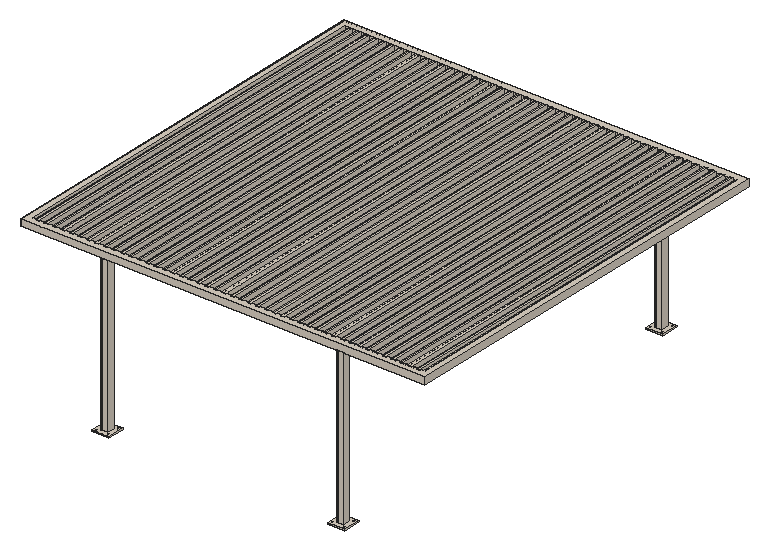
Revit family "Sun-Shades_SOL_PalmSHIELD", category Generic Models, Revit 2021
Family settings
  Can host rebar = No
  Round Connector Dimension = Use Diameter
  Part Type = Normal
  Work Plane-Based = No
  Always vertical = Yes
  Cut with Voids When Loaded = No
  Shared = No
  Room Calculation Point = No
Parameters (values of type "ALUMINUM PURLINS 2" x 4"")
  Y2 [instance] = Width - 0' 8"  # 19' - 4"
  Y1 [instance] = Depth - 0' 8" - (Purlins Spacing Desired * 2)  # 18' - 10"
  Z2 [instance] = Depth - 0' 8"  # 19' - 4"
  Z1 [instance] = Width - 1' 0"  # 19' - 0"
  X3 [instance] = Width - 0' 8"  # 19' - 4"
  X2 [instance] = Width - 0' 4"  # 19' - 8"
  X1 [instance] = Depth + 1' 6"  # 21' - 6"
  Wind & Privacy Add-On Options_Vertical Aluminum Purlins [instance] = no
  Wind & Privacy Add-On Options_Planter Trellis [instance] = no
  Wind & Privacy Add-On Options_Laser Cut [instance] = no
  Wind & Privacy Add-On Options_Horizontal Aluminum Purlins [instance] = no
  Width [instance] = 20' - 0"
  URL = "https://palmshieldlouvers.com/"
  Trellis Length [instance] = Width - 8' 8"  # 11' - 4"
  Trellis Height = 3' - 0"
  Standard Roof Options_Underhanging Beams [instance] = no
  Standard Roof Options_Overhanging Beams_Vertical [instance] = no
  Standard Roof Options_Inset to Beam_Vertical [instance] = yes
  Standard Roof Options_Inset to Beam_Horizontal [instance] = no
  Specification = "https://www.arcat.com/company/palmshield-53925/spec"
  Side Trellis Length [instance] = Depth - 0' 8"  # 19' - 4"
  Purlins Spacing Desired [instance] = 0' - 3"
  Purlin Length = 14' - 4"
  Planter Height = 1' - 6"
  Planter Depth = 1' - 6"
  Finish = "PalmSHIELD - Aluminum"
  Bachside Purlins Length [instance] = Width - 8' 8"  # 11' - 4"
  Purlin Width = 0' - 2"
  Purlin Height = 0' - 4"
  Product Page URL = "https://www.arcat.com/company/palmshield-53925"
  Material [instance] = PalmSHIELD - Alloy
  Manufacturer = "PalmSHIELD"  # constant formula
  Keynote = "06 87 00"
  Height [instance] = 8' - 0"
  Depth [instance] = 20' - 0"
  Default Elevation = 0' - 0"
  Copyright = "©ARCAT"  # constant formula
  Column Height [instance] = Height - 0' 4"  # 7' - 8"
  Center to Center [instance] = Purlins Spacing Desired + Purlin Width  # 0' - 5"
  CAD Details = "https://www.arcat.com/company/palmshield-53925/cad"
  Backside Wall Purlins Height [instance] = Height - 0' 4"  # 7' - 8"
Reference planes (in)
  plane 1 "Center (Front/Back)": y = 0
  plane 2: z = 0
  plane 3 "Center (Left/Right)": x = 0
  plane 4: x = -72
  plane 5: x = 72
  plane 6: y = 120
  plane 7: y = -120
  plane 8: y = 116
  plane 9: x = -68
  plane 10: y = -116
  plane 11: x = 68
  plane 12: x = -70
  plane 13: y = 118
  plane 14: x = 70
  plane 15: y = -118
  plane 16: z = 96
  plane 17: y = 119.75
  plane 18: y = 116.25
  plane 19: z = 92
  plane 20: z = 92.25
  plane 21: z = 95.75
  plane 22: z = 3
  plane 23: z = 36
  plane 24: y = 120.75
  plane 25: y = 138
  plane 26: y = 137.25
  plane 27: x = -67.25
  plane 28: x = 67.25
  plane 29: z = 18
  plane 30: z = 0.75
  plane 31: x = -120
  plane 32: x = 120
Forms (in)
  Sweep 1, solid, material "PalmSHIELD - Alloy" <- "Material"
    path origin (0, 0, 0) x (1, 0, 0) y (0, 1, 0)
      loop
        line (-120, 120) -> (-120, -120) -> (120, -120) -> (120, 120) -> (-120, 120)
    profile origin (0, 120, 0) x (0, 1, 0) y (0, 0, 1)
      loop
        line (0, 96) -> (-4, 96) -> (-4, 92) -> (0, 92) -> (0, 96)
      loop
        line (-3.75, 92.25) -> (-0.25, 92.25) -> (-0.25, 95.75) -> (-3.75, 95.75) -> (-3.75, 92.25)
  Extrusion 2, solid, material "PalmSHIELD - Alloy" <- "Material", visible <- "Wind & Privacy Add-On Options_Planter Trellis"
    sketch origin (0, 0, 0) x (1, 0, 0) y (0, 1, 0)
      loop
        line (-68, 120) -> (68, 120) -> (68, 138) -> (-68, 138) -> (-68, 120)
    from 0 to 0.75
  Extrusion 3, solid, material "PalmSHIELD - Alloy" <- "Material", visible <- "Wind & Privacy Add-On Options_Planter Trellis"
    sketch origin (0, 0, 0) x (1, 0, 0) y (0, 1, 0)
      loop
        line (-67.25, 137.25) -> (-67.25, 120.75) -> (67.25, 120.75) -> (67.25, 137.25) -> (-67.25, 137.25)
      loop
        line (-68, 138) -> (-68, 120) -> (68, 120) -> (68, 138) -> (-68, 138)
    from 0.75 to 18
  Extrusion 4, solid, material "PalmSHIELD - Alloy" <- "Material", visible <- "Wind & Privacy Add-On Options_Laser Cut"
    sketch origin (0, 0, 0) x (1, 0, 0) y (0, 1, 0)
      loop
        line (-68, 120) -> (-68, 119.75) -> (68, 119.75) -> (68, 120) -> (-68, 120)
    from 3 to 92
Dimensions and locks (in)
  equal spacing: plane 4, plane 3 "Center (Left/Right)", plane 5
  equal spacing: plane 6, plane 1 "Center (Front/Back)", plane 7
  plane 31 to plane 5 = 16' - 0"
  "Depth": plane 6 to plane 7
  plane 4 to plane 12 to plane 9 = 0' - 2" locked, 0' - 2" locked
  plane 11 to plane 14 to plane 5 = 0' - 2" locked, 0' - 2" locked
  plane 6 to plane 13 to plane 8 = 0' - 2" locked, 0' - 2" locked
  plane 10 to plane 15 to plane 7 = 0' - 2" locked, 0' - 2" locked
  "Height": plane 16 to level
  locked: plane 6 to plane 17 at 0.25
  locked: plane 8 to plane 18 at 0.25
  locked: plane 20 to plane 19 at 0.25
  locked: plane 16 to plane 21 at 0.25
  locked: plane 16 to plane 19 at 4
  locked: plane 22 to level at 3
  "Trellis Height": plane 23 to level
  nested 9 to nested 9 = 0' - 3"
  locked: plane 24 to plane 6 at 0.75
  locked: plane 25 to plane 26 at 0.75
  locked: plane 9 to plane 27 at 0.75
  locked: plane 28 to plane 11 at 0.75
  locked: plane 30 to level at 0.75
  "Planter Height": plane 29 to level
  "Planter Depth": plane 25 to plane 6
  locked: plane 31 to plane 4 at 48
  locked: plane 32 to plane 5 at 48
  "Width": plane 31 to plane 32
  plane 4 to plane 5 = 12' - 0"
  nested 11 to nested 11 = 0' - 3.11111"
  aligned and locked: level to plane 2
  aligned and locked: nested 1 to plane 12
  aligned and locked: nested 1 to plane 13
  aligned and locked: level to nested 1  (x2)
  aligned and locked: level to nested 2  (x2)
  aligned and locked: level to nested 3  (x2)
  aligned and locked: level to nested 4  (x2)
  aligned and locked: nested 3 to plane 15
  aligned and locked: plane 12 to nested 3
  aligned and locked: plane 14 to nested 4
  aligned and locked: plane 15 to nested 4
  aligned and locked: nested 2 to plane 14
  aligned and locked: plane 13 to nested 2
  aligned and locked: Sweep 1 sketch curve to plane 6
  aligned and locked: Sweep 1 sketch curve to plane 7
  aligned and locked: Sweep 1 sketch curve to plane 16
  aligned and locked: plane 6 to Sweep 1 sketch curve
  aligned and locked: plane 8 to Sweep 1 sketch curve
  aligned and locked: Sweep 1 sketch curve to plane 19
  aligned and locked: Sweep 1 sketch curve to plane 18
  aligned and locked: Sweep 1 sketch curve to plane 21
  aligned and locked: plane 17 to Sweep 1 sketch curve
  aligned and locked: Sweep 1 sketch curve to plane 20
  aligned and locked: plane 3 "Center (Left/Right)" to nested 5
  aligned and locked: nested 5 to plane 1 "Center (Front/Back)"
  aligned and locked: nested 6 to plane 3 "Center (Left/Right)"
  aligned and locked: plane 1 "Center (Front/Back)" to nested 6
  aligned and locked: nested 7 to plane 3 "Center (Left/Right)"
  aligned and locked: nested 7 to plane 1 "Center (Front/Back)"
  aligned and locked: plane 3 "Center (Left/Right)" to nested 8
  aligned and locked: nested 8 to plane 22
  aligned and locked: nested 8 to plane 13
  aligned and locked: plane 3 "Center (Left/Right)" to nested 9
  aligned and locked: nested 9 to plane 22  (x2)
  aligned and locked: nested 9 to plane 13
  aligned and locked: nested 10 to plane 22
  aligned and locked: nested 10 to plane 13
  aligned and locked: Extrusion 2 sketch curve to plane 6
  aligned and locked: Extrusion 2 sketch curve to plane 9
  aligned and locked: Extrusion 2 sketch curve to plane 25
  aligned and locked: Extrusion 2 sketch curve to plane 11
  aligned and locked: Extrusion 3 sketch curve to plane 26
  aligned and locked: Extrusion 3 sketch curve to plane 25
  aligned and locked: Extrusion 3 sketch curve to plane 9
  aligned and locked: Extrusion 3 sketch curve to plane 27
  aligned and locked: Extrusion 3 sketch curve to plane 11
  aligned and locked: Extrusion 3 sketch curve to plane 28
  aligned and locked: Extrusion 3 sketch curve to plane 6
  aligned and locked: Extrusion 3 sketch curve to plane 24
  aligned and locked: Extrusion 2 to level
  aligned and locked: nested 1 to Extrusion 2
  aligned and locked: plane 30 to Extrusion 2
  aligned and locked: level to Extrusion 2  (x2)
  aligned and locked: Extrusion 3 to plane 30
  aligned and locked: plane 29 to Extrusion 3
  aligned and locked: plane 30 to Extrusion 3  (x2)
  aligned and locked: Extrusion 4 sketch curve to plane 9
  aligned and locked: Extrusion 4 sketch curve to plane 6
  aligned and locked: Extrusion 4 sketch curve to plane 17
  aligned and locked: Extrusion 4 sketch curve to plane 11
  aligned and locked: Extrusion 4 to plane 22
  aligned and locked: plane 19 to Extrusion 4
  aligned and locked: nested 11 to plane 3 "Center (Left/Right)"
  aligned and locked: nested 11 to plane 1 "Center (Front/Back)"
  aligned and locked: Sweep 1 sketch curve to plane 31
  aligned and locked: Sweep 1 sketch curve to plane 32
Nested families (in)
  nested 1: "STEEL SQ TUBE 4 X 4 X 0.25 CAPPED ASTM A500 GR.B" at (-70, 118, 0), type "STEEL SQ TUBE 4 X 4 X 0.25 CAPPED ASTM A500 GR.B"
  nested 2: "STEEL SQ TUBE 4 X 4 X 0.25 CAPPED ASTM A500 GR.B" at (70, 118, 0), type "STEEL SQ TUBE 4 X 4 X 0.25 CAPPED ASTM A500 GR.B"
  nested 3: "STEEL SQ TUBE 4 X 4 X 0.25 CAPPED ASTM A500 GR.B" at (-70, -118, 0), type "STEEL SQ TUBE 4 X 4 X 0.25 CAPPED ASTM A500 GR.B"
  nested 4: "STEEL SQ TUBE 4 X 4 X 0.25 CAPPED ASTM A500 GR.B" at (70, -118, 0), type "STEEL SQ TUBE 4 X 4 X 0.25 CAPPED ASTM A500 GR.B"
  nested 5: "Family1" at (0, -129, 96), visible <- "Standard Roof Options_Overhanging Beams_Vertical", Purlin Spacing Desired <- "Purlins Spacing Desired", type "Overhanging Beams"
    with Purlin Spacing Desired 0' - 3", Purlin Spacing Calculated 0' - 3.06383", No of Horizontal Purlin 48, Center of Center 0' - 5.06383"
  nested 6: "Family1" at (0, -116, 96), visible <- "Standard Roof Options_Inset to Beam_Vertical", Purlin Spacing Desired <- "Purlins Spacing Desired", type "Inset to Beam_Vertical"
    with Purlin Spacing Desired 0' - 3", Purlin Spacing Calculated 0' - 3.02222", No of Horizontal Purlin 46, Center of Center 0' - 5.02222"
  nested 7: "Family1" at (116, 0, 96) x (0, 1, 0) z (0, 0, 1), visible <- "Standard Roof Options_Inset to Beam_Horizontal", Purlin Spacing Desired <- "Purlins Spacing Desired", type "Inset to Beam"
    with Purlin Spacing Desired 0' - 3", Purlin Spacing Calculated 0' - 3.09091", No of Horizontal Purlin 45, Center of Center 0' - 5.09091"
  nested 8: "BackSide Vertical Purlins" at (0, 118, 0), visible <- "Wind & Privacy Add-On Options_Vertical Aluminum Purlins", type "Trellis"
    with Wind & Privacy Ad On Options_Planter Trellis no, Wind & Privacy AD on Option - Vertical Privacy Aluminum Slats yes, Wall Purlins Height_1 7' - 3", Redius_2 12' - 0"
  nested 9: "BackSide Horizontal Purlins" at (0, 118, 0), visible <- "Wind & Privacy Add-On Options_Horizontal Aluminum Purlins", type "Trellis"
    with Wall Purlins Height_1 7' - 3", Redius_2 12' - 0"
  nested 10: "Trellis" at (0, 118, 0), visible <- "Wind & Privacy Add-On Options_Planter Trellis", type "Trellis"
    with Wind & Privacy Ad On Options_Planter Trellis no, Wind & Privacy AD on Option - Vertical Privacy Aluminum Slats yes, Wall Purlins Height 2' - 5", Redius_2 12' - 0"
  nested 11: "Family1" at (0, -129, 92) x (-1, 0, 0) z (0, 0, -1), visible <- "Standard Roof Options_Underhanging Beams", Purlin Spacing Desired <- "Purlins Spacing Desired", type "Underhanging Beams"
    with Purlin Spacing Desired 0' - 3", Purlin Spacing Calculated 0' - 3.11111", No of Horizontal Purlin 46, Center of Center 0' - 5.11111"
Definition of nested family "STEEL SQ TUBE 4 X 4 X 0.25 CAPPED ASTM A500 GR.B"
  Parameters (values of type "STEEL SQ TUBE 4 X 4 X 0.25 CAPPED ASTM A500 GR.B")
    WIDTH = 0' - 4"
    STEEL = none
    HEIGHT = 10' - 0"
    Default Elevation = 0' - 0"
    DEPTH = 0' - 4"
    BASE PLATE WIDTH = 0' - 10"
    BASE PLATE THICKNESS = 0' - 0 3/4"
    BASE PLATE DEPTH = 0' - 10"
  Reference planes (in)
    plane 1 "Center (Front/Back)": y = 0
    plane 2: z = 0
    plane 3 "Center (Left/Right)": x = 0
    plane 4: y = 2
    plane 5: y = -2
    plane 6: x = -2
    plane 7: x = 2
    plane 8: x = -1.75
    plane 9: x = 1.75
    plane 10: y = 1.75
    plane 11: y = -1.75
    plane 12: z = 120
    plane 13: x = -5
    plane 14: x = 5
    plane 15: y = 5
    plane 16: y = -5
    plane 17: z = 0.75
    plane 18: y = 3.5
    plane 19: y = -3.5
    plane 20: x = -3.5
    plane 21: x = 3.5
    plane 22: z = 119.75
  Forms (in)
    Extrusion 1, solid, material <- "STEEL"
      sketch origin (0, 0, 0) x (1, 0, 0) y (0, 1, 0)
        loop
          line (-2, 2) -> (-2, -2) -> (2, -2) -> (2, 2) -> (-2, 2)
        loop
          line (-1.75, 1.75) -> (-1.75, -1.75) -> (1.75, -1.75) -> (1.75, 1.75) -> (-1.75, 1.75)
      from 0.75 to 120
    Extrusion 2, solid, material <- "STEEL"
      sketch origin (0, 0, 0) x (1, 0, 0) y (0, 1, 0)
        loop
          line (-5, 5) -> (-5, -5) -> (5, -5) -> (5, 5) -> (-5, 5)
      from 0 to 0.75
    Extrusion 3, void
      sketch origin (0, 0, 0) x (1, 0, 0) y (0, 1, 0)
        loop
          circle (-3.5, 3.5) r 0.25
        loop
          circle (-3.5, -3.5) r 0.25
        loop
          circle (3.5, 3.5) r 0.25
        loop
          circle (3.5, -3.5) r 0.25
      from 0 to 0.75
    Extrusion 4, solid, material <- "STEEL"
      sketch origin (0, 0, 0) x (1, 0, 0) y (0, 1, 0)
        loop
          line (-1.75, 1.75) -> (-1.75, -1.75) -> (1.75, -1.75) -> (1.75, 1.75) -> (-1.75, 1.75)
      from 119.75 to 120
  Cuts and joins
    Extrusion 3 cuts Extrusion 2
    joined: Extrusion 1, Extrusion 4
  Dimensions and locks (in)
    equal spacing: plane 6, plane 3 "Center (Left/Right)", plane 7
    equal spacing: plane 4, plane 1 "Center (Front/Back)", plane 5
    "WIDTH": plane 6 to plane 7
    "DEPTH": plane 4 to plane 5
    locked: plane 4 to plane 10 at 0.25
    locked: plane 6 to plane 8 at 0.25
    locked: plane 9 to plane 7 at 0.25
    locked: plane 11 to plane 5 at 0.25
    "HEIGHT": plane 12 to level
    equal spacing: plane 15, plane 1 "Center (Front/Back)", plane 16
    equal spacing: plane 13, plane 3 "Center (Left/Right)", plane 14
    "BASE PLATE WIDTH": plane 13 to plane 14
    "BASE PLATE DEPTH": plane 15 to plane 16
    "BASE PLATE THICKNESS": plane 17 to plane 2
    equal spacing: plane 15, plane 18, plane 4, locked at 1.5 each
    equal spacing: plane 16, plane 19, plane 5, locked at 1.5 each
    equal spacing: plane 13, plane 20, plane 6, locked at 1.5 each
    equal spacing: plane 14, plane 21, plane 7, locked at 1.5 each
    locked: plane 12 to plane 22 at 0.25
    aligned and locked: plane 2 to level
    aligned and locked: Extrusion 1 sketch curve to plane 4
    aligned and locked: Extrusion 1 sketch curve to plane 10
    aligned and locked: Extrusion 1 sketch curve to plane 8
    aligned and locked: Extrusion 1 sketch curve to plane 6
    aligned and locked: plane 11 to Extrusion 1 sketch curve
    aligned and locked: Extrusion 1 sketch curve to plane 5
    aligned and locked: Extrusion 1 sketch curve to plane 7
    aligned and locked: plane 9 to Extrusion 1 sketch curve
    aligned and locked: plane 12 to Extrusion 1
    aligned and locked: Extrusion 2 sketch curve to plane 13
    aligned and locked: Extrusion 2 sketch curve to plane 15
    aligned and locked: Extrusion 2 sketch curve to plane 16
    aligned and locked: Extrusion 2 sketch curve to plane 14
    aligned and locked: Extrusion 2 to plane 2
    aligned and locked: plane 17 to Extrusion 2
    aligned and locked: Extrusion 1 to plane 17
    aligned and locked: plane 20 to Extrusion 3 sketch curve  (x2)
    aligned and locked: plane 18 to Extrusion 3 sketch curve  (x2)
    aligned and locked: plane 19 to Extrusion 3 sketch curve  (x2)
    aligned and locked: plane 21 to Extrusion 3 sketch curve  (x2)
    aligned and locked: Extrusion 3 to level
    aligned and locked: plane 17 to Extrusion 3
    aligned and locked: Extrusion 4 sketch curve to Extrusion 1  (x4)
    aligned and locked: Extrusion 4 to plane 22
    aligned and locked: plane 12 to Extrusion 4
  Automatic sketch dimensions
    radius of Extrusion 3 sketch curve = 0' - 0 1/4"  (x4)
Definition of nested family "Family1"
  Parameters (values of type "Underhanging Beams")
    Up = yes
    Purlin Width Half = Purlin Width / 2  # 0' - 1"
    Purlin Width = 0' - 2"
    Purlin Spacing Desired [instance] = 0' - 3"
    Purlin Spacing Calculated [instance] = (L - (No of Horizontal Purlin * Purlin Width)) / (No of Horizontal Purlin - 1)  # 0' - 3.11111"
    Purlin Length = 21' - 6"
    Purlin Height = 0' - 6"
    No of Horizontal Purlin [instance] = (L / (Purlin Width + Purlin Spacing Desired))  # 46
    Material = none
    L = 19' - 4"
    Down = no
    Default Elevation = 4' - 0"
    Center of Center [instance] = Purlin Width + Purlin Spacing Calculated  # 0' - 5.11111"
  Types (4): name | Up | Purlin Spacing Calculated | Purlin Length | Purlin Height | No of Horizontal Purlin | L | Down | Center of Center
    Overhanging Beams | yes | 0' - 3.08696" | 21' - 6" | 0' - 3" | 47 | 19' - 8" | no | 0' - 5.08696"
    Inset to Beam | no | 0' - 3.11111" | 19' - 4" | 0' - 6" | 46 | 19' - 4" | yes | 0' - 5.11111"
    Inset to Beam_Vertical | no | 0' - 3.02222" | 19' - 4" | 0' - 6" | 46 | 19' - 0" | yes | 0' - 5.02222"
    Underhanging Beams | yes | 0' - 3.11111" | 21' - 6" | 0' - 6" | 46 | 19' - 4" | no | 0' - 5.11111"
  Reference planes (in)
    plane 1 "Center (Front/Back)": y = 0
    plane 2: z = 0
    plane 3 "Center (Left/Right)": x = 0
    plane 4: y = 258
    plane 5: x = -116
    plane 6: x = 116
    plane 7: x = -115
    plane 8: x = -109.88889
    plane 9: y = 129
  Forms (in)
    Extrusion 1, solid
      sketch origin (0, 0, 0) x (1, 0, 0) y (0, 1, 0)
        loop
          line (-48, 48) -> (-48, -48) -> (48, -48) -> (48, 48) -> (-48, 48)
      from 0 to -12
  Dimensions and locks (in)
    "Purlin Length": plane 4 to plane 1 "Center (Front/Back)"
    "L": plane 5 to plane 6
    equal spacing: plane 5, plane 3 "Center (Left/Right)", plane 6
    "Center of Center": plane 7 to plane 8
    equal spacing: group 1, group 2, group 3, group 4, group 5, group 6, group 7, group 8, group 9, group 10, group 11, group 12, group 13, group 14, group 15, group 16, group 17, group 18, group 19, group 20, group 21, group 22, group 23, group 24, group 25, group 26, group 27, group 28, group 29, group 30, group 31, group 32, group 33, group 34, group 35, group 36, group 37, group 38, group 39, group 40, group 41, group 42, group 43, group 44, group 45, group 46  (x3)
    equal spacing: plane 1 "Center (Front/Back)", plane 9, plane 4
    "Purlin Width Half": plane 5 to plane 7
    aligned and locked: plane 2 to Extrusion 1
    aligned and locked: level to Extrusion 1
    aligned and locked: nested 1 to plane 7
    aligned and locked: plane 8 to nested 2
  Automatic sketch dimensions
    Extrusion 1 sketch curve to Extrusion 1 sketch curve = 8' - 0"  (x2)
  Nested families (in)
    nested 1: "Family2" at (-115, 0, 0) x (-1, 0, 0) z (0, 0, 1), type "Up"
    nested 2: "Family2" at (-109.88889, 0, 0) x (-1, 0, 0) z (0, 0, 1), type "Up"
    nested 3: "Family2" at (-104.77778, 0, 0) x (-1, 0, 0) z (0, 0, 1), type "Up"
    nested 4: "Family2" at (-99.66667, 0, 0) x (-1, 0, 0) z (0, 0, 1), type "Up"
    nested 5: "Family2" at (-94.55556, 0, 0) x (-1, 0, 0) z (0, 0, 1), type "Up"
    nested 6: "Family2" at (-89.44444, 0, 0) x (-1, 0, 0) z (0, 0, 1), type "Up"
    nested 7: "Family2" at (-84.33333, 0, 0) x (-1, 0, 0) z (0, 0, 1), type "Up"
    nested 8: "Family2" at (-79.22222, 0, 0) x (-1, 0, 0) z (0, 0, 1), type "Up"
    nested 9: "Family2" at (-74.11111, 0, 0) x (-1, 0, 0) z (0, 0, 1), type "Up"
    nested 10: "Family2" at (-69, 0, 0) x (-1, 0, 0) z (0, 0, 1), type "Up"
    nested 11: "Family2" at (-63.88889, 0, 0) x (-1, 0, 0) z (0, 0, 1), type "Up"
    nested 12: "Family2" at (-58.77778, 0, 0) x (-1, 0, 0) z (0, 0, 1), type "Up"
    nested 13: "Family2" at (-53.66667, 0, 0) x (-1, 0, 0) z (0, 0, 1), type "Up"
    nested 14: "Family2" at (-48.55556, 0, 0) x (-1, 0, 0) z (0, 0, 1), type "Up"
    nested 15: "Family2" at (-43.44444, 0, 0) x (-1, 0, 0) z (0, 0, 1), type "Up"
    nested 16: "Family2" at (-38.33333, 0, 0) x (-1, 0, 0) z (0, 0, 1), type "Up"
    nested 17: "Family2" at (-33.22222, 0, 0) x (-1, 0, 0) z (0, 0, 1), type "Up"
    nested 18: "Family2" at (-28.11111, 0, 0) x (-1, 0, 0) z (0, 0, 1), type "Up"
    nested 19: "Family2" at (-23, 0, 0) x (-1, 0, 0) z (0, 0, 1), type "Up"
    nested 20: "Family2" at (-17.88889, 0, 0) x (-1, 0, 0) z (0, 0, 1), type "Up"
    nested 21: "Family2" at (-12.77778, 0, 0) x (-1, 0, 0) z (0, 0, 1), type "Up"
    nested 22: "Family2" at (-7.66667, 0, 0) x (-1, 0, 0) z (0, 0, 1), type "Up"
    nested 23: "Family2" at (-2.55556, 0, 0) x (-1, 0, 0) z (0, 0, 1), type "Up"
    nested 24: "Family2" at (2.55556, 0, 0) x (-1, 0, 0) z (0, 0, 1), type "Up"
    nested 25: "Family2" at (7.66667, 0, 0) x (-1, 0, 0) z (0, 0, 1), type "Up"
    nested 26: "Family2" at (12.77778, 0, 0) x (-1, 0, 0) z (0, 0, 1), type "Up"
    nested 27: "Family2" at (17.88889, 0, 0) x (-1, 0, 0) z (0, 0, 1), type "Up"
    nested 28: "Family2" at (23, 0, 0) x (-1, 0, 0) z (0, 0, 1), type "Up"
    nested 29: "Family2" at (28.11111, 0, 0) x (-1, 0, 0) z (0, 0, 1), type "Up"
    nested 30: "Family2" at (33.22222, 0, 0) x (-1, 0, 0) z (0, 0, 1), type "Up"
    nested 31: "Family2" at (38.33333, 0, 0) x (-1, 0, 0) z (0, 0, 1), type "Up"
    nested 32: "Family2" at (43.44444, 0, 0) x (-1, 0, 0) z (0, 0, 1), type "Up"
    nested 33: "Family2" at (48.55556, 0, 0) x (-1, 0, 0) z (0, 0, 1), type "Up"
    nested 34: "Family2" at (53.66667, 0, 0) x (-1, 0, 0) z (0, 0, 1), type "Up"
    nested 35: "Family2" at (58.77778, 0, 0) x (-1, 0, 0) z (0, 0, 1), type "Up"
    nested 36: "Family2" at (63.88889, 0, 0) x (-1, 0, 0) z (0, 0, 1), type "Up"
    nested 37: "Family2" at (69, 0, 0) x (-1, 0, 0) z (0, 0, 1), type "Up"
    nested 38: "Family2" at (74.11111, 0, 0) x (-1, 0, 0) z (0, 0, 1), type "Up"
    nested 39: "Family2" at (79.22222, 0, 0) x (-1, 0, 0) z (0, 0, 1), type "Up"
    nested 40: "Family2" at (84.33333, 0, 0) x (-1, 0, 0) z (0, 0, 1), type "Up"
    nested 41: "Family2" at (89.44444, 0, 0) x (-1, 0, 0) z (0, 0, 1), type "Up"
    nested 42: "Family2" at (94.55556, 0, 0) x (-1, 0, 0) z (0, 0, 1), type "Up"
    nested 43: "Family2" at (99.66667, 0, 0) x (-1, 0, 0) z (0, 0, 1), type "Up"
    nested 44: "Family2" at (104.77778, 0, 0) x (-1, 0, 0) z (0, 0, 1), type "Up"
    nested 45: "Family2" at (109.88889, 0, 0) x (-1, 0, 0) z (0, 0, 1), type "Up"
    nested 46: "Family2" at (115, 0, 0) x (-1, 0, 0) z (0, 0, 1), type "Up"
  Definition of nested family "Family2"
    Parameters (values of type "Down")
      Up = yes
      Purlin Length = 2' - 8.61991"
      Purlin Height = 0' - 3"
      Parlin Width = 0' - 2"
      Material = none
      Down = no
      Default Elevation = 0' - 0"
    Types (3): name | Up | Purlin Length | Purlin Height | Down
      Up | no | 19' - 4" | 0' - 2" | yes
      Down | yes | 2' - 8.61991" | 0' - 3" | no
      Family2 | no | 19' - 4" | 0' - 2" | no
    Reference planes (in)
      plane 1 "Center (Front/Back)": y = 0
      plane 2: z = 0
      plane 3 "Center (Left/Right)": x = 0
      plane 4: z = 3
      plane 5: x = -1
      plane 6: x = 1
      plane 7: z = -3
      plane 8: z = 2.875
      plane 9: z = -2.875
      plane 10: x = 0.875
      plane 11: x = -0.875
      plane 12: z = 0.125
      plane 13: z = -0.125
      plane 14: y = 32.61991
      plane 15: y = 0.125
      plane 16: y = 32.49491
    Forms (in)
      Extrusion 1, solid, material <- "Material", visible <- "Up"
        sketch origin (0, 0, 0) x (1, 0, 0) y (0, 0, 1)
          loop
            line (1, 3) -> (-1, 3) -> (-1, 0) -> (1, 0) -> (1, 3)
          loop
            line (-0.875, 2.875) -> (-0.875, 0.125) -> (0.875, 0.125) -> (0.875, 2.875) -> (-0.875, 2.875)
        from -32.61991 to 0
      Extrusion 2, solid, material <- "Material", visible <- "Down"
        sketch origin (0, 0, 0) x (1, 0, 0) y (0, 0, 1)
          loop
            line (-1, 0) -> (-1, -3) -> (1, -3) -> (1, 0) -> (-1, 0)
          loop
            line (0.875, -2.875) -> (0.875, -0.125) -> (-0.875, -0.125) -> (-0.875, -2.875) -> (0.875, -2.875)
        from 0 to -32.61991
      Extrusion 3, solid, material <- "Material", visible <- "Up"
        sketch origin (0, 0, 0) x (1, 0, 0) y (0, 0, 1)
          loop
            line (0.875, 2.875) -> (-0.875, 2.875) -> (-0.875, 0.125) -> (0.875, 0.125) -> (0.875, 2.875)
        from -0.125 to 0
      Extrusion 4, solid, material <- "Material", visible <- "Up"
        sketch origin (0, 0, 0) x (1, 0, 0) y (0, 0, 1)
          loop
            line (0.875, 2.875) -> (-0.875, 2.875) -> (-0.875, 0.125) -> (0.875, 0.125) -> (0.875, 2.875)
        from -32.61991 to -32.49491
      Extrusion 5, solid, material <- "Material", visible <- "Down"
        sketch origin (0, 0, 0) x (1, 0, 0) y (0, 0, 1)
          loop
            line (-0.875, -0.125) -> (-0.875, -2.875) -> (0.875, -2.875) -> (0.875, -0.125) -> (-0.875, -0.125)
        from -0.125 to 0
      Extrusion 6, solid, material <- "Material", visible <- "Down"
        sketch origin (0, 0, 0) x (1, 0, 0) y (0, 0, 1)
          loop
            line (-0.875, -0.125) -> (-0.875, -2.875) -> (0.875, -2.875) -> (0.875, -0.125) -> (-0.875, -0.125)
        from -32.61991 to -32.49491
    Cuts and joins
      joined: Extrusion 1, Extrusion 3, Extrusion 4
      joined: Extrusion 2, Extrusion 5, Extrusion 6
    Dimensions and locks (in)
      "Purlin Height": plane 4 to level
      equal spacing: plane 6, plane 3 "Center (Left/Right)", plane 5
      "Parlin Width": plane 5 to plane 6
      "Purlin Height": plane 2 to plane 7
      locked: plane 4 to plane 8 at 0.125
      locked: plane 9 to plane 7 at 0.125
      locked: plane 11 to plane 5 at 0.125
      locked: plane 10 to plane 6 at 0.125
      locked: plane 12 to plane 2 at 0.125
      locked: plane 13 to plane 2 at 0.125
      "Purlin Length": plane 14 to plane 1 "Center (Front/Back)"
      locked: plane 1 "Center (Front/Back)" to plane 15 at 0.125
      locked: plane 14 to plane 16 at 0.125
      aligned and locked: plane 2 to level
      aligned and locked: Extrusion 1 sketch curve to plane 4
      aligned and locked: Extrusion 1 sketch curve to plane 5
      aligned and locked: plane 6 to Extrusion 1 sketch curve
      aligned and locked: Extrusion 1 sketch curve to level
      aligned and locked: Extrusion 1 sketch curve to plane 11
      aligned and locked: Extrusion 1 sketch curve to plane 8
      aligned and locked: plane 10 to Extrusion 1 sketch curve
      aligned and locked: Extrusion 1 sketch curve to plane 12
      aligned and locked: plane 1 "Center (Front/Back)" to Extrusion 1
      aligned and locked: plane 14 to Extrusion 1
      aligned and locked: Extrusion 2 sketch curve to level
      aligned and locked: Extrusion 2 sketch curve to plane 5
      aligned and locked: plane 6 to Extrusion 2 sketch curve
      aligned and locked: plane 7 to Extrusion 2 sketch curve
      aligned and locked: plane 9 to Extrusion 2 sketch curve
      aligned and locked: plane 10 to Extrusion 2 sketch curve
      aligned and locked: Extrusion 2 sketch curve to plane 11
      aligned and locked: plane 13 to Extrusion 2 sketch curve
      aligned and locked: plane 14 to Extrusion 2
      aligned and locked: plane 1 "Center (Front/Back)" to Extrusion 2
      aligned and locked: Extrusion 1 to plane 1 "Center (Front/Back)"  (x2)
      aligned and locked: Extrusion 1 to plane 14
      aligned and locked: Extrusion 3 sketch curve to plane 8
      aligned and locked: Extrusion 3 sketch curve to plane 12
      aligned and locked: Extrusion 3 sketch curve to plane 11
      aligned and locked: plane 10 to Extrusion 3 sketch curve
      aligned and locked: plane 15 to Extrusion 3
      aligned and locked: plane 1 "Center (Front/Back)" to Extrusion 3
      aligned and locked: Extrusion 4 sketch curve to plane 8
      aligned and locked: Extrusion 4 sketch curve to plane 11
      aligned and locked: plane 10 to Extrusion 4 sketch curve
      aligned and locked: Extrusion 4 sketch curve to plane 12
      aligned and locked: plane 14 to Extrusion 4
      aligned and locked: Extrusion 4 to plane 16
      aligned and locked: plane 13 to Extrusion 5 sketch curve
      aligned and locked: plane 9 to Extrusion 5 sketch curve
      aligned and locked: Extrusion 5 sketch curve to plane 11
      aligned and locked: plane 10 to Extrusion 5 sketch curve
      aligned and locked: plane 1 "Center (Front/Back)" to Extrusion 5
      aligned and locked: plane 15 to Extrusion 5
      aligned and locked: plane 13 to Extrusion 6 sketch curve
      aligned and locked: plane 9 to Extrusion 6 sketch curve
      aligned and locked: Extrusion 6 sketch curve to plane 11
      aligned and locked: plane 10 to Extrusion 6 sketch curve
      aligned and locked: plane 14 to Extrusion 6
      aligned and locked: Extrusion 6 to plane 16
Definition of nested family "BackSide Vertical Purlins"
  Parameters (values of type "Trellis")
    Wind & Privacy Ad On Options_Planter Trellis [instance] = no
    Wind & Privacy AD on Option - Vertical Privacy Aluminum Slats [instance] = yes
    Wall Vertical Purlins = 12' - 0"
    Wall Purlins Height_1 [instance] = Back Side Wall Prlins Height - 0' 5"  # 2' - 7"
    Trellis Length = 9' - 4"
    Back Side Wall Prlins Height = 3' - 0"
    Redius_2 [instance] = 12' - 0"
    Purlins Width = 0' - 3"
    No Of Trellis Purlins = (Trellis Length / Center to Center) / 2  # 11
    Material = none
    Default Elevation = 0' - 0"
    Center to Center = 0' - 5"
  Types (2): name
    Trellis
    Trellis @Side
  Reference planes (in)
    plane 1 "Center (Front/Back)": y = 0
    plane 2: z = 0
    plane 3 "Center (Left/Right)": x = 0
    plane 4: x = -56
    plane 5: x = 56
    plane 6: x = -2.5
    plane 7: x = -7.5
    plane 8: x = 2.5
    plane 9: x = 7.5
    plane 10: z = 3
    plane 11: y = 2
    plane 12: y = -2
    plane 13: y = -1.875
    plane 14: y = 1.875
    plane 15: z = 3.125
    plane 16: z = 5
    plane 17: z = 4.875
    plane 18: z = 36
    plane 19: z = 35.875
    plane 20: z = 34
    plane 21: z = 34.125
  Forms (in)
    Extrusion 1, solid, material <- "Material"
      sketch origin (0, 0, 0) x (0, 1, 0) y (0, 0, 1)
        loop
          line (2, 5) -> (-2, 5) -> (-2, 3) -> (2, 3) -> (2, 5)
        loop
          line (1.875, 4.875) -> (-1.875, 4.875) -> (-1.875, 3.125) -> (1.875, 3.125) -> (1.875, 4.875)
      from -56 to 56
  Dimensions and locks (in)
    "Trellis Length": plane 4 to plane 5
    equal spacing: plane 6, plane 3 "Center (Left/Right)", plane 8
    "Center to Center": plane 7 to plane 6
    "Center to Center": plane 8 to plane 9
    "Center to Center": plane 6 to plane 8
    plane 10 to level = 0' - 3"
    locked: plane 11 to plane 12 at 4
    locked: plane 14 to plane 11 at 0.125
    locked: plane 13 to plane 12 at 0.125
    plane 16 to plane 17 to plane 15 to plane 10 = 0' - 0 1/8" locked, 0' - 1 3/4" locked, 0' - 0 1/8" locked
    "Back Side Wall Prlins Height": plane 18 to level
    plane 18 to plane 19 to plane 21 to plane 20 = 0' - 0 1/8" locked, 0' - 1 3/4" locked, 0' - 0 1/8" locked
    plane 16 to level = 0' - 5"
    equal spacing: group 21, group 20, group 10, group 9, group 8, group 7, group 6, group 5, group 4, group 3, group 2
    equal spacing: group 2, group 3, group 4, group 5, group 6, group 7, group 8, group 9, group 10, group 20, group 21  (x2)
    equal spacing: group 11, group 12, group 13, group 14, group 15, group 16, group 17, group 18, group 19, group 22, group 23  (x3)
    equal spacing: plane 4, plane 3 "Center (Left/Right)", plane 5
    aligned and locked: plane 2 to level
    aligned and locked: nested 1 to plane 1 "Center (Front/Back)"
    aligned and locked: plane 6 to nested 1
    aligned and locked: nested 3 to plane 8
    aligned and locked: plane 1 "Center (Front/Back)" to nested 3
    aligned and locked: plane 16 to Extrusion 1 sketch curve
    aligned and locked: plane 17 to Extrusion 1 sketch curve
    aligned and locked: plane 15 to Extrusion 1 sketch curve
    aligned and locked: plane 10 to Extrusion 1 sketch curve
    aligned and locked: plane 11 to Extrusion 1 sketch curve
    aligned and locked: plane 14 to Extrusion 1 sketch curve
    aligned and locked: Extrusion 1 sketch curve to plane 13
    aligned and locked: Extrusion 1 sketch curve to plane 12
    aligned and locked: Extrusion 1 to plane 4
    aligned and locked: plane 5 to Extrusion 1
    aligned and locked: nested 12 to plane 9
    aligned and locked: plane 7 to nested 4
  Nested families (in)
    nested 1: "Vertical Purlin" at (-2.5, 0, 5) x (0, 1, 0) z (0, 0, 1), visible <- "Wind & Privacy AD on Option - Vertical Privacy Aluminum Slats", type "Vertical Purlin"
    nested 2: "Vertical Purlin" at (-14.11258, -7.68441, 5) x (0.8607, -0.509, 0) z (0, 0, 1), visible <- "Wind & Privacy AD on Option - Vertical Privacy Aluminum Slats", type "Vertical Purlin", not visible
    nested 3: "Vertical Purlin" at (2.5, 0, 5) x (0, 1, 0) z (0, 0, 1), visible <- "Wind & Privacy AD on Option - Vertical Privacy Aluminum Slats", type "Vertical Purlin"
    nested 4: "Vertical Purlin" at (-7.5, 0, 5) x (0, 1, 0) z (0, 0, 1), visible <- "Wind & Privacy AD on Option - Vertical Privacy Aluminum Slats", type "Vertical Purlin"
    nested 5: "Vertical Purlin" at (-12.5, 0, 5) x (0, 1, 0) z (0, 0, 1), visible <- "Wind & Privacy AD on Option - Vertical Privacy Aluminum Slats", type "Vertical Purlin"
    nested 6: "Vertical Purlin" at (-17.5, 0, 5) x (0, 1, 0) z (0, 0, 1), visible <- "Wind & Privacy AD on Option - Vertical Privacy Aluminum Slats", type "Vertical Purlin"
    nested 7: "Vertical Purlin" at (-22.5, 0, 5) x (0, 1, 0) z (0, 0, 1), visible <- "Wind & Privacy AD on Option - Vertical Privacy Aluminum Slats", type "Vertical Purlin"
    nested 8: "Vertical Purlin" at (-27.5, 0, 5) x (0, 1, 0) z (0, 0, 1), visible <- "Wind & Privacy AD on Option - Vertical Privacy Aluminum Slats", type "Vertical Purlin"
    nested 9: "Vertical Purlin" at (-32.5, 0, 5) x (0, 1, 0) z (0, 0, 1), visible <- "Wind & Privacy AD on Option - Vertical Privacy Aluminum Slats", type "Vertical Purlin"
    nested 10: "Vertical Purlin" at (-37.5, 0, 5) x (0, 1, 0) z (0, 0, 1), visible <- "Wind & Privacy AD on Option - Vertical Privacy Aluminum Slats", type "Vertical Purlin"
    nested 11: "Vertical Purlin" at (-42.5, 0, 5) x (0, 1, 0) z (0, 0, 1), visible <- "Wind & Privacy AD on Option - Vertical Privacy Aluminum Slats", type "Vertical Purlin"
    nested 12: "Vertical Purlin" at (7.5, 0, 5) x (0, 1, 0) z (0, 0, 1), visible <- "Wind & Privacy AD on Option - Vertical Privacy Aluminum Slats", type "Vertical Purlin"
    nested 13: "Vertical Purlin" at (12.5, 0, 5) x (0, 1, 0) z (0, 0, 1), visible <- "Wind & Privacy AD on Option - Vertical Privacy Aluminum Slats", type "Vertical Purlin"
    nested 14: "Vertical Purlin" at (17.5, 0, 5) x (0, 1, 0) z (0, 0, 1), visible <- "Wind & Privacy AD on Option - Vertical Privacy Aluminum Slats", type "Vertical Purlin"
    nested 15: "Vertical Purlin" at (22.5, 0, 5) x (0, 1, 0) z (0, 0, 1), visible <- "Wind & Privacy AD on Option - Vertical Privacy Aluminum Slats", type "Vertical Purlin"
    nested 16: "Vertical Purlin" at (27.5, 0, 5) x (0, 1, 0) z (0, 0, 1), visible <- "Wind & Privacy AD on Option - Vertical Privacy Aluminum Slats", type "Vertical Purlin"
    nested 17: "Vertical Purlin" at (32.5, 0, 5) x (0, 1, 0) z (0, 0, 1), visible <- "Wind & Privacy AD on Option - Vertical Privacy Aluminum Slats", type "Vertical Purlin"
    nested 18: "Vertical Purlin" at (37.5, 0, 5) x (0, 1, 0) z (0, 0, 1), visible <- "Wind & Privacy AD on Option - Vertical Privacy Aluminum Slats", type "Vertical Purlin"
    nested 19: "Vertical Purlin" at (42.5, 0, 5) x (0, 1, 0) z (0, 0, 1), visible <- "Wind & Privacy AD on Option - Vertical Privacy Aluminum Slats", type "Vertical Purlin"
    nested 20: "Vertical Purlin" at (-47.5, 0, 5) x (0, 1, 0) z (0, 0, 1), visible <- "Wind & Privacy AD on Option - Vertical Privacy Aluminum Slats", type "Vertical Purlin"
    nested 21: "Vertical Purlin" at (-52.5, 0, 5) x (0, 1, 0) z (0, 0, 1), visible <- "Wind & Privacy AD on Option - Vertical Privacy Aluminum Slats", type "Vertical Purlin"
    nested 22: "Vertical Purlin" at (47.5, 0, 5) x (0, 1, 0) z (0, 0, 1), visible <- "Wind & Privacy AD on Option - Vertical Privacy Aluminum Slats", type "Vertical Purlin"
    nested 23: "Vertical Purlin" at (52.5, 0, 5) x (0, 1, 0) z (0, 0, 1), visible <- "Wind & Privacy AD on Option - Vertical Privacy Aluminum Slats", type "Vertical Purlin"
  Definition of nested family "Vertical Purlin"
    Parameters (values of type "Vertical Purlin")
      Purlins Width = 0' - 2"
      Purlins Height = 0' - 3"
      Materials = none
      Height = 5' - 11.88692"
      Default Elevation = 0' - 0"
    Reference planes (in)
      plane 1 "Center (Front/Back)": y = 0
      plane 2: z = 0
      plane 3 "Center (Left/Right)": x = 0
      plane 4: x = -1.5
      plane 5: x = 1.5
      plane 6: y = 1
      plane 7: y = -1
      plane 8: x = -1.375
      plane 9: x = 1.375
      plane 10: y = 0.875
      plane 11: y = -0.875
      plane 12: z = 71.88692
    Forms (in)
      Extrusion 1, solid, material <- "Materials"
        sketch origin (0, 0, 0) x (1, 0, 0) y (0, 1, 0)
          loop
            line (-1.375, 0.875) -> (-1.375, -0.875) -> (1.375, -0.875) -> (1.375, 0.875) -> (-1.375, 0.875)
          loop
            line (-1.5, 1) -> (-1.5, -1) -> (1.5, -1) -> (1.5, 1) -> (-1.5, 1)
        from 0 to 71.88692
    Dimensions and locks (in)
      equal spacing: plane 6, plane 1 "Center (Front/Back)", plane 7
      equal spacing: plane 4, plane 3 "Center (Left/Right)", plane 5
      locked: plane 4 to plane 8 at 0.125
      locked: plane 9 to plane 5 at 0.125
      locked: plane 11 to plane 7 at 0.125
      locked: plane 6 to plane 10 at 0.125
      "Height": plane 12 to level
      "Purlins Width": plane 6 to plane 7
      "Purlins Height": plane 4 to plane 5
      aligned and locked: plane 2 to level
      aligned and locked: Extrusion 1 sketch curve to plane 10
      aligned and locked: Extrusion 1 sketch curve to plane 6
      aligned and locked: Extrusion 1 sketch curve to plane 8
      aligned and locked: Extrusion 1 sketch curve to plane 4
      aligned and locked: plane 9 to Extrusion 1 sketch curve
      aligned and locked: Extrusion 1 sketch curve to plane 5
      aligned and locked: Extrusion 1 sketch curve to plane 11
      aligned and locked: Extrusion 1 sketch curve to plane 7
      aligned and locked: plane 12 to Extrusion 1
Definition of nested family "BackSide Horizontal Purlins"
  Parameters (values of type "Trellis")
    Wall Purlins Height_1 [instance] = Back Side Wall Prlins Height - 0' 5"  # 7' - 3"
    Purlin Width = 0' - 4"
    Purlin Length = 6' - 4"
    Purlin Height = 0' - 2"
    No of Wall Horizontal Purlins = (Back Side Wall Prlins Height / Center to Center)  # 23
    Back Side Wall Prlins Height = 7' - 8"
    Redius_2 [instance] = 12' - 0"
    Material = none
    Default Elevation = 0' - 0"
    Center to Center = 0' - 4"
  Reference planes (in)
    plane 1 "Center (Front/Back)": y = 0
    plane 2: z = 0
    plane 3 "Center (Left/Right)": x = 0
    plane 4: x = -38
    plane 5: x = 38
    plane 6: x = -2
    plane 7: x = -6
    plane 8: x = 2
    plane 9: x = 6
    plane 10: z = 3
    plane 11: y = 2
    plane 12: y = -2
    plane 13: y = -1.875
    plane 14: y = 1.875
    plane 15: z = 3.125
    plane 16: z = 5
    plane 17: z = 4.875
    plane 18: z = 92
    plane 19: z = 91.875
    plane 20: z = 90
    plane 21: z = 90.125
    plane 22: z = 4
    plane 23: z = 8
  Dimensions and locks (in)
    "Purlin Length": plane 4 to plane 5
    equal spacing: plane 6, plane 3 "Center (Left/Right)", plane 8
    "Center to Center": plane 7 to plane 6
    "Center to Center": plane 8 to plane 9
    "Center to Center": plane 6 to plane 8
    plane 10 to level = 0' - 3"
    locked: plane 11 to plane 12 at 4
    locked: plane 14 to plane 11 at 0.125
    locked: plane 13 to plane 12 at 0.125
    plane 16 to plane 17 to plane 15 to plane 10 = 0' - 0 1/8" locked, 0' - 1 3/4" locked, 0' - 0 1/8" locked
    "Back Side Wall Prlins Height": plane 18 to level
    plane 18 to plane 19 to plane 21 to plane 20 = 0' - 0 1/8" locked, 0' - 1 3/4" locked, 0' - 0 1/8" locked
    plane 16 to level = 0' - 5"
    equal spacing: plane 4, plane 3 "Center (Left/Right)", plane 5
    locked: plane 22 to plane 10 at 1
    "Center to Center": plane 23 to plane 22
    equal spacing: group 3, group 4, group 5, group 6, group 7, group 8, group 9, group 10, group 11, group 12, group 13, group 14, group 15, group 16, group 17, group 18, group 19, group 20, group 21, group 22, group 23, group 24, group 25  (x3)
    aligned and locked: plane 2 to level
    aligned and locked: plane 3 "Center (Left/Right)" to nested 3
    aligned and locked: nested 3 to plane 1 "Center (Front/Back)"
    aligned and locked: nested 3 to plane 22
    aligned and locked: nested 4 to plane 23
  Nested families (in)
    nested 1: "Vertical Purlin" at (-14.11258, -7.68441, 5) x (0.8607, -0.509, 0) z (0, 0, 1), type "Vertical Purlin", not visible
    nested 2: "ALUMINUM RECT TUBE PURLIN" at (-31.33551, -18.77251, 0) x (0.6252, 0.7804, 0) z (0, 0, 1), type "Aluminum Rect Tube Purlins Vertical Underhanging", not visible
    nested 3: "ALUMINUM RECT TUBE PURLIN" at (0, 0, 2.875) x (0, 1, 0) z (0, 0, 1), type "Aluminum Rect Tube Purlins Vertical Underhanging"
    nested 4: "ALUMINUM RECT TUBE PURLIN" at (0, 0, 6.875) x (0, 1, 0) z (0, 0, 1), type "Aluminum Rect Tube Purlins Vertical Underhanging"
    nested 5: "ALUMINUM RECT TUBE PURLIN" at (0, 0, 10.875) x (0, 1, 0) z (0, 0, 1), type "Aluminum Rect Tube Purlins Vertical Underhanging"
    nested 6: "ALUMINUM RECT TUBE PURLIN" at (0, 0, 14.875) x (0, 1, 0) z (0, 0, 1), type "Aluminum Rect Tube Purlins Vertical Underhanging"
    nested 7: "ALUMINUM RECT TUBE PURLIN" at (0, 0, 18.875) x (0, 1, 0) z (0, 0, 1), type "Aluminum Rect Tube Purlins Vertical Underhanging"
    nested 8: "ALUMINUM RECT TUBE PURLIN" at (0, 0, 22.875) x (0, 1, 0) z (0, 0, 1), type "Aluminum Rect Tube Purlins Vertical Underhanging"
    nested 9: "ALUMINUM RECT TUBE PURLIN" at (0, 0, 26.875) x (0, 1, 0) z (0, 0, 1), type "Aluminum Rect Tube Purlins Vertical Underhanging"
    nested 10: "ALUMINUM RECT TUBE PURLIN" at (0, 0, 30.875) x (0, 1, 0) z (0, 0, 1), type "Aluminum Rect Tube Purlins Vertical Underhanging"
    nested 11: "ALUMINUM RECT TUBE PURLIN" at (0, 0, 34.875) x (0, 1, 0) z (0, 0, 1), type "Aluminum Rect Tube Purlins Vertical Underhanging"
    nested 12: "ALUMINUM RECT TUBE PURLIN" at (0, 0, 38.875) x (0, 1, 0) z (0, 0, 1), type "Aluminum Rect Tube Purlins Vertical Underhanging"
    nested 13: "ALUMINUM RECT TUBE PURLIN" at (0, 0, 42.875) x (0, 1, 0) z (0, 0, 1), type "Aluminum Rect Tube Purlins Vertical Underhanging"
    nested 14: "ALUMINUM RECT TUBE PURLIN" at (0, 0, 46.875) x (0, 1, 0) z (0, 0, 1), type "Aluminum Rect Tube Purlins Vertical Underhanging"
    nested 15: "ALUMINUM RECT TUBE PURLIN" at (0, 0, 50.875) x (0, 1, 0) z (0, 0, 1), type "Aluminum Rect Tube Purlins Vertical Underhanging"
    nested 16: "ALUMINUM RECT TUBE PURLIN" at (0, 0, 54.875) x (0, 1, 0) z (0, 0, 1), type "Aluminum Rect Tube Purlins Vertical Underhanging"
    nested 17: "ALUMINUM RECT TUBE PURLIN" at (0, 0, 58.875) x (0, 1, 0) z (0, 0, 1), type "Aluminum Rect Tube Purlins Vertical Underhanging"
    nested 18: "ALUMINUM RECT TUBE PURLIN" at (0, 0, 62.875) x (0, 1, 0) z (0, 0, 1), type "Aluminum Rect Tube Purlins Vertical Underhanging"
    nested 19: "ALUMINUM RECT TUBE PURLIN" at (0, 0, 66.875) x (0, 1, 0) z (0, 0, 1), type "Aluminum Rect Tube Purlins Vertical Underhanging"
    nested 20: "ALUMINUM RECT TUBE PURLIN" at (0, 0, 70.875) x (0, 1, 0) z (0, 0, 1), type "Aluminum Rect Tube Purlins Vertical Underhanging"
    nested 21: "ALUMINUM RECT TUBE PURLIN" at (0, 0, 74.875) x (0, 1, 0) z (0, 0, 1), type "Aluminum Rect Tube Purlins Vertical Underhanging"
    nested 22: "ALUMINUM RECT TUBE PURLIN" at (0, 0, 78.875) x (0, 1, 0) z (0, 0, 1), type "Aluminum Rect Tube Purlins Vertical Underhanging"
    nested 23: "ALUMINUM RECT TUBE PURLIN" at (0, 0, 82.875) x (0, 1, 0) z (0, 0, 1), type "Aluminum Rect Tube Purlins Vertical Underhanging"
    nested 24: "ALUMINUM RECT TUBE PURLIN" at (0, 0, 86.875) x (0, 1, 0) z (0, 0, 1), type "Aluminum Rect Tube Purlins Vertical Underhanging"
    nested 25: "ALUMINUM RECT TUBE PURLIN" at (0, 0, 90.875) x (0, 1, 0) z (0, 0, 1), type "Aluminum Rect Tube Purlins Vertical Underhanging"
  Definition of nested family "Vertical Purlin"
    Parameters (values of type "Vertical Purlin")
      Purlins Width = 0' - 2"
      Purlins Height = 0' - 3"
      Materials = none
      Height = 5' - 11.88692"
      Default Elevation = 0' - 0"
    Reference planes (in)
      plane 1 "Center (Front/Back)": y = 0
      plane 2: z = 0
      plane 3 "Center (Left/Right)": x = 0
      plane 4: x = -1.5
      plane 5: x = 1.5
      plane 6: y = 1
      plane 7: y = -1
      plane 8: x = -1.375
      plane 9: x = 1.375
      plane 10: y = 0.875
      plane 11: y = -0.875
      plane 12: z = 71.88692
    Forms (in)
      Extrusion 1, solid, material <- "Materials"
        sketch origin (0, 0, 0) x (1, 0, 0) y (0, 1, 0)
          loop
            line (-1.375, 0.875) -> (-1.375, -0.875) -> (1.375, -0.875) -> (1.375, 0.875) -> (-1.375, 0.875)
          loop
            line (-1.5, 1) -> (-1.5, -1) -> (1.5, -1) -> (1.5, 1) -> (-1.5, 1)
        from 0 to 71.88692
    Dimensions and locks (in)
      equal spacing: plane 6, plane 1 "Center (Front/Back)", plane 7
      equal spacing: plane 4, plane 3 "Center (Left/Right)", plane 5
      locked: plane 4 to plane 8 at 0.125
      locked: plane 9 to plane 5 at 0.125
      locked: plane 11 to plane 7 at 0.125
      locked: plane 6 to plane 10 at 0.125
      "Height": plane 12 to level
      "Purlins Width": plane 6 to plane 7
      "Purlins Height": plane 4 to plane 5
      aligned and locked: plane 2 to level
      aligned and locked: Extrusion 1 sketch curve to plane 10
      aligned and locked: Extrusion 1 sketch curve to plane 6
      aligned and locked: Extrusion 1 sketch curve to plane 8
      aligned and locked: Extrusion 1 sketch curve to plane 4
      aligned and locked: plane 9 to Extrusion 1 sketch curve
      aligned and locked: Extrusion 1 sketch curve to plane 5
      aligned and locked: Extrusion 1 sketch curve to plane 11
      aligned and locked: Extrusion 1 sketch curve to plane 7
      aligned and locked: plane 12 to Extrusion 1
  Definition of nested family "ALUMINUM RECT TUBE PURLIN"
    Parameters (values of type "Aluminum Rect Tube Purlins Vertical Underhanging")
      LENGTH = 4' - 0"
      WIDTH = 0' - 2"
      HEIGHT = 0' - 4"
      Default Elevation = 0' - 0"
      Aluminum = none
    Reference planes (in)
      plane 1 "Center (Front/Back)": y = 0
      plane 2: z = 0.125
      plane 3 "Center (Left/Right)": x = 0
      plane 4: z = 4.125
      plane 5: x = -1
      plane 6: x = 1
      plane 7: x = -0.875
      plane 8: x = 0.875
      plane 9: z = 0.25
      plane 10: z = 4
      plane 11: y = 24
      plane 12: y = -24
      plane 13: z = 2.125
    Forms (in)
      Extrusion 1, solid, material <- "Aluminum"
        sketch origin (0, 0, 0) x (1, 0, 0) y (0, 0, 1)
          loop
            line (-1, 4.125) -> (-1, 0.125) -> (1, 0.125) -> (1, 4.125) -> (-1, 4.125)
          loop
            line (-0.875, 0.25) -> (0.875, 0.25) -> (0.875, 4) -> (-0.875, 4) -> (-0.875, 0.25)
        from -24 to 24
    Dimensions and locks (in)
      equal spacing: plane 6, plane 3 "Center (Left/Right)", plane 5
      "WIDTH": plane 6 to plane 5
      "HEIGHT": plane 4 to level
      locked: plane 7 to plane 5 at 0.125
      locked: plane 6 to plane 8 at 0.125
      locked: plane 9 to level at 0.125
      locked: plane 4 to plane 10 at 0.125
      equal spacing: plane 11, plane 1 "Center (Front/Back)", plane 12
      "LENGTH": plane 11 to plane 12
      equal spacing: plane 4, plane 13, level
      aligned and locked: plane 2 to level
      aligned and locked: Extrusion 1 sketch curve to plane 4
      aligned and locked: Extrusion 1 sketch curve to plane 5
      aligned and locked: Extrusion 1 sketch curve to plane 6
      aligned and locked: Extrusion 1 sketch curve to level
      aligned and locked: Extrusion 1 sketch curve to plane 9
      aligned and locked: plane 8 to Extrusion 1 sketch curve
      aligned and locked: Extrusion 1 sketch curve to plane 7
      aligned and locked: Extrusion 1 sketch curve to plane 10
      aligned and locked: plane 11 to Extrusion 1
      aligned and locked: Extrusion 1 to plane 12
Definition of nested family "Trellis"
  Parameters (values of type "Trellis")
    Wind & Privacy Ad On Options_Planter Trellis [instance] = no
    Wind & Privacy AD on Option - Vertical Privacy Aluminum Slats [instance] = yes
    Wall Vertical Purlins = 12' - 0"
    Wall Purlins Height [instance] = Trellis Height - 0' 7"  # 2' - 5"
    Trellis Length = 9' - 4"
    Trellis Height = 3' - 0"
    Redius_2 [instance] = 12' - 0"
    Purlins Width = 0' - 3"
    No Of Trellis Purlins = (Trellis Length / Center to Center) / 2  # 11
    Material = none
    Default Elevation = 0' - 0"
    Center to Center = 0' - 5"
  Types (2): name
    Trellis
    Trellis @Side
  Reference planes (in)
    plane 1 "Center (Front/Back)": y = 0
    plane 2: z = 0
    plane 3 "Center (Left/Right)": x = 0
    plane 4: x = -56
    plane 5: x = 56
    plane 6: x = -2.5
    plane 7: x = -7.5
    plane 8: x = 2.5
    plane 9: x = 7.5
    plane 10: z = 3
    plane 11: y = 2
    plane 12: y = -2
    plane 13: y = -1.875
    plane 14: y = 1.875
    plane 15: z = 3.125
    plane 16: z = 5
    plane 17: z = 4.875
    plane 18: z = 36
    plane 19: z = 35.875
    plane 20: z = 34
    plane 21: z = 34.125
  Forms (in)
    Extrusion 1, solid, material <- "Material"
      sketch origin (0, 0, 0) x (0, 1, 0) y (0, 0, 1)
        loop
          line (2, 5) -> (-2, 5) -> (-2, 3) -> (2, 3) -> (2, 5)
        loop
          line (1.875, 4.875) -> (-1.875, 4.875) -> (-1.875, 3.125) -> (1.875, 3.125) -> (1.875, 4.875)
      from -56 to 56
    Extrusion 2, solid, material <- "Material"
      sketch origin (0, 0, 0) x (0, 1, 0) y (0, 0, 1)
        loop
          line (1.875, 35.875) -> (-1.875, 35.875) -> (-1.875, 34.125) -> (1.875, 34.125) -> (1.875, 35.875)
        loop
          line (2, 36) -> (-2, 36) -> (-2, 34) -> (2, 34) -> (2, 36)
      from -56 to 56
  Dimensions and locks (in)
    "Trellis Length": plane 4 to plane 5
    equal spacing: plane 6, plane 3 "Center (Left/Right)", plane 8
    "Center to Center": plane 7 to plane 6
    "Center to Center": plane 8 to plane 9
    "Center to Center": plane 6 to plane 8
    plane 10 to level = 0' - 3"
    locked: plane 11 to plane 12 at 4
    locked: plane 14 to plane 11 at 0.125
    locked: plane 13 to plane 12 at 0.125
    plane 16 to plane 17 to plane 15 to plane 10 = 0' - 0 1/8" locked, 0' - 1 3/4" locked, 0' - 0 1/8" locked
    "Trellis Height": plane 18 to level
    plane 18 to plane 19 to plane 21 to plane 20 = 0' - 0 1/8" locked, 0' - 1 3/4" locked, 0' - 0 1/8" locked
    plane 16 to level = 0' - 5"
    equal spacing: group 21, group 20, group 10, group 9, group 8, group 7, group 6, group 5, group 4, group 3, group 2
    equal spacing: group 2, group 3, group 4, group 5, group 6, group 7, group 8, group 9, group 10, group 20, group 21  (x2)
    equal spacing: group 11, group 12, group 13, group 14, group 15, group 16, group 17, group 18, group 19, group 22, group 23  (x3)
    equal spacing: plane 4, plane 3 "Center (Left/Right)", plane 5
    aligned and locked: plane 2 to level
    aligned and locked: nested 1 to plane 1 "Center (Front/Back)"
    aligned and locked: plane 6 to nested 1
    aligned and locked: nested 3 to plane 8
    aligned and locked: plane 1 "Center (Front/Back)" to nested 3
    aligned and locked: plane 16 to Extrusion 1 sketch curve
    aligned and locked: plane 17 to Extrusion 1 sketch curve
    aligned and locked: plane 15 to Extrusion 1 sketch curve
    aligned and locked: plane 10 to Extrusion 1 sketch curve
    aligned and locked: plane 11 to Extrusion 1 sketch curve
    aligned and locked: plane 14 to Extrusion 1 sketch curve
    aligned and locked: Extrusion 1 sketch curve to plane 13
    aligned and locked: Extrusion 1 sketch curve to plane 12
    aligned and locked: Extrusion 1 to plane 4
    aligned and locked: plane 5 to Extrusion 1
    aligned and locked: plane 19 to Extrusion 2 sketch curve
    aligned and locked: plane 18 to Extrusion 2 sketch curve
    aligned and locked: plane 14 to Extrusion 2 sketch curve
    aligned and locked: plane 11 to Extrusion 2 sketch curve
    aligned and locked: Extrusion 2 sketch curve to plane 12
    aligned and locked: Extrusion 2 sketch curve to plane 13
    aligned and locked: plane 21 to Extrusion 2 sketch curve
    aligned and locked: plane 20 to Extrusion 2 sketch curve
    aligned and locked: Extrusion 2 to plane 4
    aligned and locked: plane 5 to Extrusion 2
    aligned and locked: nested 12 to plane 9
    aligned and locked: plane 7 to nested 4
  Nested families (in)
    nested 1: "Vertical Purlin" at (-2.5, 0, 5) x (0, 1, 0) z (0, 0, 1), visible <- "Wind & Privacy AD on Option - Vertical Privacy Aluminum Slats", type "Vertical Purlin"
    nested 2: "Vertical Purlin" at (-14.11258, -7.68441, 5) x (0.8607, -0.509, 0) z (0, 0, 1), visible <- "Wind & Privacy AD on Option - Vertical Privacy Aluminum Slats", type "Vertical Purlin", not visible
    nested 3: "Vertical Purlin" at (2.5, 0, 5) x (0, 1, 0) z (0, 0, 1), visible <- "Wind & Privacy AD on Option - Vertical Privacy Aluminum Slats", type "Vertical Purlin"
    nested 4: "Vertical Purlin" at (-7.5, 0, 5) x (0, 1, 0) z (0, 0, 1), visible <- "Wind & Privacy AD on Option - Vertical Privacy Aluminum Slats", type "Vertical Purlin"
    nested 5: "Vertical Purlin" at (-12.5, 0, 5) x (0, 1, 0) z (0, 0, 1), visible <- "Wind & Privacy AD on Option - Vertical Privacy Aluminum Slats", type "Vertical Purlin"
    nested 6: "Vertical Purlin" at (-17.5, 0, 5) x (0, 1, 0) z (0, 0, 1), visible <- "Wind & Privacy AD on Option - Vertical Privacy Aluminum Slats", type "Vertical Purlin"
    nested 7: "Vertical Purlin" at (-22.5, 0, 5) x (0, 1, 0) z (0, 0, 1), visible <- "Wind & Privacy AD on Option - Vertical Privacy Aluminum Slats", type "Vertical Purlin"
    nested 8: "Vertical Purlin" at (-27.5, 0, 5) x (0, 1, 0) z (0, 0, 1), visible <- "Wind & Privacy AD on Option - Vertical Privacy Aluminum Slats", type "Vertical Purlin"
    nested 9: "Vertical Purlin" at (-32.5, 0, 5) x (0, 1, 0) z (0, 0, 1), visible <- "Wind & Privacy AD on Option - Vertical Privacy Aluminum Slats", type "Vertical Purlin"
    nested 10: "Vertical Purlin" at (-37.5, 0, 5) x (0, 1, 0) z (0, 0, 1), visible <- "Wind & Privacy AD on Option - Vertical Privacy Aluminum Slats", type "Vertical Purlin"
    nested 11: "Vertical Purlin" at (-42.5, 0, 5) x (0, 1, 0) z (0, 0, 1), visible <- "Wind & Privacy AD on Option - Vertical Privacy Aluminum Slats", type "Vertical Purlin"
    nested 12: "Vertical Purlin" at (7.5, 0, 5) x (0, 1, 0) z (0, 0, 1), visible <- "Wind & Privacy AD on Option - Vertical Privacy Aluminum Slats", type "Vertical Purlin"
    nested 13: "Vertical Purlin" at (12.5, 0, 5) x (0, 1, 0) z (0, 0, 1), visible <- "Wind & Privacy AD on Option - Vertical Privacy Aluminum Slats", type "Vertical Purlin"
    nested 14: "Vertical Purlin" at (17.5, 0, 5) x (0, 1, 0) z (0, 0, 1), visible <- "Wind & Privacy AD on Option - Vertical Privacy Aluminum Slats", type "Vertical Purlin"
    nested 15: "Vertical Purlin" at (22.5, 0, 5) x (0, 1, 0) z (0, 0, 1), visible <- "Wind & Privacy AD on Option - Vertical Privacy Aluminum Slats", type "Vertical Purlin"
    nested 16: "Vertical Purlin" at (27.5, 0, 5) x (0, 1, 0) z (0, 0, 1), visible <- "Wind & Privacy AD on Option - Vertical Privacy Aluminum Slats", type "Vertical Purlin"
    nested 17: "Vertical Purlin" at (32.5, 0, 5) x (0, 1, 0) z (0, 0, 1), visible <- "Wind & Privacy AD on Option - Vertical Privacy Aluminum Slats", type "Vertical Purlin"
    nested 18: "Vertical Purlin" at (37.5, 0, 5) x (0, 1, 0) z (0, 0, 1), visible <- "Wind & Privacy AD on Option - Vertical Privacy Aluminum Slats", type "Vertical Purlin"
    nested 19: "Vertical Purlin" at (42.5, 0, 5) x (0, 1, 0) z (0, 0, 1), visible <- "Wind & Privacy AD on Option - Vertical Privacy Aluminum Slats", type "Vertical Purlin"
    nested 20: "Vertical Purlin" at (-47.5, 0, 5) x (0, 1, 0) z (0, 0, 1), visible <- "Wind & Privacy AD on Option - Vertical Privacy Aluminum Slats", type "Vertical Purlin"
    nested 21: "Vertical Purlin" at (-52.5, 0, 5) x (0, 1, 0) z (0, 0, 1), visible <- "Wind & Privacy AD on Option - Vertical Privacy Aluminum Slats", type "Vertical Purlin"
    nested 22: "Vertical Purlin" at (47.5, 0, 5) x (0, 1, 0) z (0, 0, 1), visible <- "Wind & Privacy AD on Option - Vertical Privacy Aluminum Slats", type "Vertical Purlin"
    nested 23: "Vertical Purlin" at (52.5, 0, 5) x (0, 1, 0) z (0, 0, 1), visible <- "Wind & Privacy AD on Option - Vertical Privacy Aluminum Slats", type "Vertical Purlin"
  Definition of nested family "Vertical Purlin"
    Parameters (values of type "Vertical Purlin")
      Purlins Width = 0' - 2"
      Purlins Height = 0' - 3"
      Materials = none
      Height = 5' - 11.88692"
      Default Elevation = 0' - 0"
    Reference planes (in)
      plane 1 "Center (Front/Back)": y = 0
      plane 2: z = 0
      plane 3 "Center (Left/Right)": x = 0
      plane 4: x = -1.5
      plane 5: x = 1.5
      plane 6: y = 1
      plane 7: y = -1
      plane 8: x = -1.375
      plane 9: x = 1.375
      plane 10: y = 0.875
      plane 11: y = -0.875
      plane 12: z = 71.88692
    Forms (in)
      Extrusion 1, solid, material <- "Materials"
        sketch origin (0, 0, 0) x (1, 0, 0) y (0, 1, 0)
          loop
            line (-1.375, 0.875) -> (-1.375, -0.875) -> (1.375, -0.875) -> (1.375, 0.875) -> (-1.375, 0.875)
